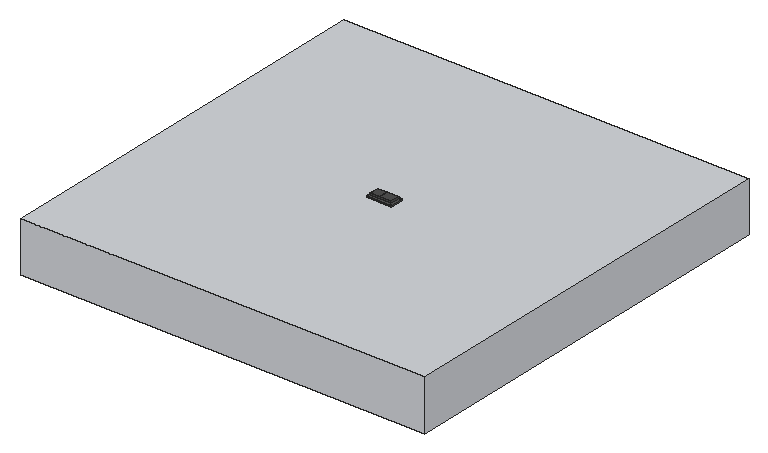
Revit family "GIRA_1209005", category Elektroinstallationen, Revit 2017
Family settings
  Basisbauteil = Fläche
  Beschriftungsausrichtung beibehalten = Ja
  Bemaßung runder Anschluss = Durchmesser verwenden
  Teiletyp = Normal
  Beim Laden mit Abzugskörper schneiden = Nein
  Gemeinsam genutzt = Nein
  Raumberechnungspunkt = Nein
Parameters
  Zusatzgerät anreihbar = yes
  Verbindung mit Smartphone möglich = no
  URL = "https://www.gira.de/"
  Typname = "Wohnungsstation Video AP 7 Türko Schwarz m"
  Schaltfunktionen = yes
  Rufunterscheidung = yes
  Rufabschaltung = yes
  Mit Türöffnerautomatik = yes
  Mit Touchscreen = yes
  Material = Black Matt
  Default Elevation = 1219.2 mm
  Lautstärkeregelung = yes
  Ist Zubehör = no
  Ist System = no
  Internkommunikation = yes
  Hörgerätekompatibel = no
  Hersteller = "Gira"
  HAN = "1209005"
  GTIN = "4010337053408"
  Funktions-Lampen = no
  Freisprechen = yes
  Bildsystem = "PAL"
  Beschreibung = "Wohnungsstation Video AP 7 Schwarz matt Merkmale:<BR>- Komplett vormontierte Einheit mit einem 17,78 cm (7) großen TFT-Farbdisplay und komfortabler Freisprechfunktion.<BR>- Vollflächige Glasfront mit Touchfunktionalität und taktiler Rückmeldung.<BR>- Direkte Wandmontage oder Wandmontage mit Unterputz-Gerätedose bzw. Hohlwanddose.<BR>- Montage mit Standfuß für Platzierung auf Möbelstücken.\""
  Bedienung Türöffner = yes
  BIM = "https://media.stage.bim.site/t/eyJhbGciOiJIUzI1NiIsInR5cCI6IkpXVCJ9.eyJjdCI6MSwidGYiOiJwdWJsaWMvZ2lyYS9iNjQ4NDNkLzEyMDkgMDA1LnJmYSIsImNpZCI6IjMyNzdjYzIzLTgxYTktNGVlMy1hOTBhLWI0N2JiNGMwYjYxNiIsInJpZCI6IjIzYjEwNzM3ZTViYWU4ODA5YjA3NTBkMzEyMGJlNTgxIiwicGlkIjoiZTg4YzU0OGUzNTI0OGY3YzZkNjA0MDJmYTliYzZlMzI5ZmNlODljMyIsInNpZCI6IjYzNDcwIiwidXQiOjUsImlhdCI6MTU2NTE4ODM5OCwiaXNzIjoiaHR0cHM6Ly9hcGkubGl2ZS5iaW0uc2l0ZSIsInN1YiI6ImFkbWluQGJpbXNpdGUuZGV2In0.X0jlwErDMXKM9GG3gnJBoeHppB_34xP-ysiJxDK9kcY/1209 005.rfa"
  Ausführung der Schnittstelle = "sonstige"
  Abhörsicher = yes
Reference planes
  plane 1 "Center (Front/Back)": y = 0
  plane 2: z = 0
  plane 3 "Center (Left/Right)": x = 0
Forms (mm)
  Extrusion 1, solid
    sketch origin (0, 0, 0) x (1, 0, 0) y (0, 1, 0)
      loop
        line (-1219.2, 1219.2) -> (-1219.2, -1219.2) -> (1219.2, -1219.2) -> (1219.2, 1219.2) -> (-1219.2, 1219.2)
    from 0 to -304.8
  Extrusion 2, solid, material "Black Matt" <- "Material", detail levels fine
    sketch origin (0, 0, 0) x (1, 0, 0) y (0, 1, 0)
      loop
        line (59.4, -25.35) -> (59.4, 25.35) -> (-59.4, 25.35) -> (-59.4, -25.35) -> (59.4, -25.35)
      loop
        line (-10.198, -11) -> (10.198, -11)
        arc (10.198, -11) -> (0, 15) -> (-10.198, -11) r 15
      loop
        arc (-27.996, -3.34) -> (-28.191, 0.465) -> (-27.871, 4.262) r 28.195
        arc (-27.871, 4.262) -> (-29.382, 6.319) -> (-31.44, 4.808) r 1.805
        arc (-31.44, 4.808) -> (-31.802, 0.448) -> (-31.563, -3.92) r 31.805
        arc (-31.563, -3.92) -> (-28.911, -8.966) -> (-27.996, -3.34) r 3.005
      loop
        arc (27.996, 3.34) -> (28.191, -0.465) -> (27.871, -4.262) r 28.195
        arc (27.871, -4.262) -> (29.382, -6.319) -> (31.44, -4.808) r 1.805
        arc (31.44, -4.808) -> (31.802, -0.448) -> (31.563, 3.92) r 31.805
        arc (31.563, 3.92) -> (28.911, 8.966) -> (27.996, 3.34) r 3.005
      loop
        line (-53.5, 13.003) -> (-53.5, 6.997)
        arc (-53.5, 6.997) -> (-51.25, 4.747) -> (-49, 6.997) r 2.25
        line (-49, 6.997) -> (-49, 13.003)
        arc (-49, 13.003) -> (-51.25, 15.253) -> (-53.5, 13.003) r 2.25
      loop
        arc (52.003, -20.5) -> (54.253, -18.25) -> (52.003, -16) r 2.25
        line (52.003, -16) -> (45.997, -16)
        arc (45.997, -16) -> (43.747, -18.25) -> (45.997, -20.5) r 2.25
        line (45.997, -20.5) -> (52.003, -20.5)
    from 0.4 to 2
  Extrusion 3, solid, material "Black Matt" <- "Material", detail levels fine
    sketch origin (0, 0, 0) x (1, 0, 0) y (0, 1, 0)
      loop
        spline (-63.045, 29.795) -> (-63.345, 29.775) -> (-63.64, 29.716) -> (-63.925, 29.62) -> (-64.195, 29.487) -> (-64.445, 29.32) -> (-64.671, 29.121) -> (-64.87, 28.895) -> (-65.037, 28.645) -> (-65.17, 28.375) -> (-65.266, 28.09) -> (-65.325, 27.795) -> (-65.345, 27.495)
        line (-65.345, 27.495) -> (-65.345, -27.495)
        spline (-65.345, -27.495) -> (-65.325, -27.795) -> (-65.266, -28.09) -> (-65.17, -28.375) -> (-65.037, -28.645) -> (-64.87, -28.895) -> (-64.671, -29.121) -> (-64.445, -29.32) -> (-64.195, -29.487) -> (-63.925, -29.62) -> (-63.64, -29.716) -> (-63.345, -29.775) -> (-63.045, -29.795)
        line (-63.045, -29.795) -> (63.045, -29.795)
        spline (63.045, -29.795) -> (63.345, -29.775) -> (63.64, -29.716) -> (63.925, -29.62) -> (64.195, -29.487) -> (64.445, -29.32) -> (64.671, -29.121) -> (64.87, -28.895) -> (65.037, -28.645) -> (65.17, -28.375) -> (65.266, -28.09) -> (65.325, -27.795) -> (65.345, -27.495)
        line (65.345, -27.495) -> (65.345, 27.495)
        spline (65.345, 27.495) -> (65.325, 27.795) -> (65.266, 28.09) -> (65.17, 28.375) -> (65.037, 28.645) -> (64.87, 28.895) -> (64.671, 29.121) -> (64.445, 29.32) -> (64.195, 29.487) -> (63.925, 29.62) -> (63.64, 29.716) -> (63.345, 29.775) -> (63.045, 29.795)
        line (63.045, 29.795) -> (-63.045, 29.795)
      loop
        line (59.7, 25.7) -> (-59.7, 25.7) -> (-59.7, -25.7) -> (59.7, -25.7) -> (59.7, 25.7)
    from 1.8 to 6
  Extrusion 4, solid, material "Black Matt" <- "Material", detail levels fine
    sketch origin (0, 0, 0) x (1, 0, 0) y (0, 1, 0)
      loop
        line (72.392, 40.342) -> (-72.392, 40.342)
        arc (-72.392, 40.342) -> (-74.867, 39.317) -> (-75.892, 36.842) r 3.5
        line (-75.892, 36.842) -> (-75.892, -36.842)
        arc (-75.892, -36.842) -> (-74.867, -39.317) -> (-72.392, -40.342) r 3.5
        line (-72.392, -40.342) -> (72.392, -40.342)
        arc (72.392, -40.342) -> (74.867, -39.317) -> (75.892, -36.842) r 3.5
        line (75.892, -36.842) -> (75.892, 36.842)
        arc (75.892, 36.842) -> (74.867, 39.317) -> (72.392, 40.342) r 3.5
      loop
        arc (-74.038, -36.488) -> (-73.452, -37.902) -> (-72.038, -38.488) r 2
        line (-72.038, -38.488) -> (72.038, -38.488)
        arc (72.038, -38.488) -> (73.452, -37.902) -> (74.038, -36.488) r 2
        line (74.038, -36.488) -> (74.038, 36.488)
        arc (74.038, 36.488) -> (73.452, 37.902) -> (72.038, 38.488) r 2
        line (72.038, 38.488) -> (-72.038, 38.488)
        arc (-72.038, 38.488) -> (-73.452, 37.902) -> (-74.038, 36.488) r 2
        line (-74.038, 36.488) -> (-74.038, -36.488)
    from 0 to 6
  SweptBlend 5, solid, material "Black Matt" <- "Material", detail levels fine
    path in 3D
      loop
        line (0.283, 0, 11.378) -> (0.283, 0, 6)
    profile origin (0.283, 0, 11.378) x (0, -1, 0) y (1, 0, 0)
      loop
        arc (-28.1, -63.433) -> (-27.954, -63.786) -> (-27.6, -63.933) r 0.5
        line (-27.6, -63.933) -> (27.6, -63.933)
        arc (27.6, -63.933) -> (27.954, -63.786) -> (28.1, -63.433) r 0.5
        line (28.1, -63.433) -> (28.1, 62.867)
        arc (28.1, 62.867) -> (27.954, 63.221) -> (27.6, 63.367) r 0.5
        line (27.6, 63.367) -> (-27.6, 63.367)
        arc (-27.6, 63.367) -> (-27.954, 63.221) -> (-28.1, 62.867) r 0.5
        line (-28.1, 62.867) -> (-28.1, -63.433)
    end profile origin (0.283, 0, 6) x (0, -1, 0) y (1, 0, 0)
      loop
        arc (-40.342, -72.675) -> (-39.317, -75.15) -> (-36.842, -76.175) r 3.5
        line (-36.842, -76.175) -> (36.842, -76.175)
        arc (36.842, -76.175) -> (39.317, -75.15) -> (40.342, -72.675) r 3.5
        line (40.342, -72.675) -> (40.342, 72.11)
        arc (40.342, 72.11) -> (39.317, 74.585) -> (36.842, 75.61) r 3.5
        line (36.842, 75.61) -> (-36.842, 75.61)
        arc (-36.842, 75.61) -> (-39.317, 74.585) -> (-40.342, 72.11) r 3.5
        line (-40.342, 72.11) -> (-40.342, -72.675)
  Extrusion 6, solid, material "Black Matt" <- "Material", detail levels fine
    sketch origin (0, 0, 0) x (1, 0, 0) y (0, 0, 1)
      loop
        line (-7.889, 19.5) -> (-62.817, 19.5) -> (-62.817, 11.378) -> (62.817, 11.378) -> (62.817, 20.7) -> (-7.889, 20.7) -> (-7.889, 19.5)
    from -27.32 to 27.3
  Extrusion 7, solid, material "Black Matt" <- "Material", detail levels fine
    sketch origin (0, 0, 0) x (1, 0, 0) y (0, 0, 1)
      loop
        line (-62.383, 20.7) -> (-62.383, 19.7) -> (-8.183, 19.7) -> (-8.183, 20.7) -> (-62.383, 20.7)
    from -27.3 to 27.3
  Extrusion 8, solid, material "Black Matt" <- "Material", detail levels fine
    sketch origin (0, 0, 0) x (1, 0, 0) y (0, 0, 1)
      loop
        line (-62.032, 19.7) -> (-62.032, 18.7) -> (-8.237, 18.7) -> (-8.237, 19.7) -> (-62.032, 19.7)
    from -27 to 27
  Extrusion 9, solid, material "Black Matt" <- "Material", detail levels medium
    sketch origin (0, 0, 0) x (1, 0, 0) y (0, 1, 0)
      loop
        line (72.392, 40.342) -> (-72.392, 40.342)
        arc (-72.392, 40.342) -> (-74.867, 39.317) -> (-75.892, 36.842) r 3.5
        line (-75.892, 36.842) -> (-75.892, -36.842)
        arc (-75.892, -36.842) -> (-74.867, -39.317) -> (-72.392, -40.342) r 3.5
        line (-72.392, -40.342) -> (72.392, -40.342)
        arc (72.392, -40.342) -> (74.867, -39.317) -> (75.892, -36.842) r 3.5
        line (75.892, -36.842) -> (75.892, 36.842)
        arc (75.892, 36.842) -> (74.867, 39.317) -> (72.392, 40.342) r 3.5
    from 0 to 11.378
  Extrusion 10, solid, material "Black Matt" <- "Material", detail levels medium
    sketch origin (0, 0, 0) x (1, 0, 0) y (0, 1, 0)
      loop
        line (62.817, 27.32) -> (-62.817, 27.32) -> (-62.817, -27.32) -> (62.817, -27.32) -> (62.817, 27.32)
    from 11.379 to 20.7
  Extrusion 11, solid, material "Black Matt" <- "Material", detail levels coarse
    sketch origin (0, 0, 0) x (1, 0, 0) y (0, 1, 0)
      loop
        line (-75.892, 40.342) -> (-75.892, -40.342) -> (75.892, -40.342) -> (75.892, 40.342) -> (-75.892, 40.342)
    from 0 to 20.7
Lines and regions (mm)
  sketch lines
    curve 1: line (0.283, 0, 11.378) -> (0.283, 0, 6)
Dimensions and locks
  aligned and locked: plane 2 to Extrusion 1
  aligned and locked: level to Extrusion 1
  aligned and locked: plane 3 "Center (Left/Right)" to nested 1
  aligned and locked: plane 1 "Center (Front/Back)" to nested 1
Nested families
  nested 1: "RJ45 Daten-Doppeldose - Beschriftung" at (0, 0, 0), type "RJ45 Daten-Doppeldose - Beschriftung"
Definition of nested family "RJ45 Daten-Doppeldose - Beschriftung"
  Reference planes
    plane 1: y = 0
    plane 2: x = 0
  Lines and regions (mm)
    Filled region 1, type "Gefüllter Bereich 1"
      outline origin (0, 0, 0) x (1, 0, 0) y (0, 1, 0)
        loop
          circle (-0.6, 2.4) r 0.4
    Filled region 2, type "Gefüllter Bereich 1"
      outline origin (0, 0, 0) x (1, 0, 0) y (0, 1, 0)
        loop
          circle (0.6, 2.4) r 0.4
    detail lines
      curve 1: line (0, 0, 0) -> (0, 2, 0)
      curve 2: line (0, 2, 0) -> (1.6, 2, 0)
      curve 3: line (1.6, 2, 0) -> (1.6, 3.6, 0)
      curve 4: circle (0.6, 2.4, 0) r 0.4 normal (0, 0, 1)
      curve 5: line (0, 2, 0) -> (-1.6, 2, 0)
      curve 6: line (-1.6, 2, 0) -> (-1.6, 3.6, 0)
      curve 7: circle (-0.6, 2.4, 0) r 0.4 normal (0, 0, -1)
